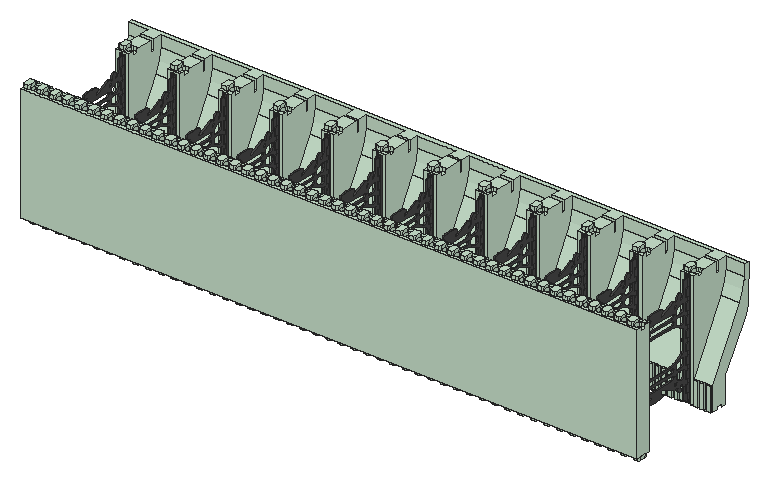
Revit family (continued)
Forms (in)
  Extrusion 166, solid, material "NUDURA Expanded Polystyrene Foam Insulation"
    sketch origin (0, 0, 0) x (0, 1, 0) y (0, 0, 1)
      loop
        line (7.625, 16.5) -> (7.625, 18) -> (3.25, 18) -> (3.25, 3.625) -> (8.425, 13)
        arc (8.425, 13) -> (9.05432, 14.58521) -> (9.425, 16.25) r 10.75
        line (9.425, 16.25) -> (9.425, 18)
    from 59 to 61
  Extrusion 167, solid, material "NUDURA Expanded Polystyrene Foam Insulation"
    sketch origin (0, 0, 0) x (0, 1, 0) y (0, 0, 1)
      loop
        line (9.425, 18) -> (8.125, 18) -> (8.125, 16.5)
        arc (8.125, 16.5) -> (7.875, 16.25) -> (7.625, 16.5) r 0.25
        line (7.625, 16.5) -> (7.625, 18) -> (3.25, 18) -> (3.25, 3.625) -> (8.425, 13)
        arc (8.425, 13) -> (9.05432, 14.58521) -> (9.425, 16.25) r 10.75
        line (9.425, 16.25) -> (9.425, 18)
    from 67 to 69
  Extrusion 168, solid, material "NUDURA Expanded Polystyrene Foam Insulation"
    sketch origin (0, 0, 0) x (0, 1, 0) y (0, 0, 1)
      loop
        line (9.425, 18) -> (8.125, 18) -> (8.125, 16.5)
        arc (8.125, 16.5) -> (7.875, 16.25) -> (7.625, 16.5) r 0.25
        line (7.625, 16.5) -> (7.625, 18) -> (3.25, 18) -> (3.25, 3.625) -> (8.425, 13)
        arc (8.425, 13) -> (9.05432, 14.58521) -> (9.425, 16.25) r 10.75
        line (9.425, 16.25) -> (9.425, 18)
    from 75 to 77
  Extrusion 169, solid, material "NUDURA Expanded Polystyrene Foam Insulation"
    sketch origin (0, 0, 0) x (0, 1, 0) y (0, 0, 1)
      loop
        line (9.425, 18) -> (8.125, 18) -> (8.125, 16.5)
        arc (8.125, 16.5) -> (7.875, 16.25) -> (7.625, 16.5) r 0.25
        line (7.625, 16.5) -> (7.625, 18) -> (3.25, 18) -> (3.25, 3.625) -> (8.425, 13)
        arc (8.425, 13) -> (9.05432, 14.58521) -> (9.425, 16.25) r 10.75
        line (9.425, 16.25) -> (9.425, 18)
    from 83 to 85
  Extrusion 170, solid, material "NUDURA Expanded Polystyrene Foam Insulation"
    sketch origin (0, 0, 0) x (0, 1, 0) y (0, 0, 1)
      loop
        line (9.425, 18) -> (8.125, 18) -> (8.125, 16.5)
        arc (8.125, 16.5) -> (7.875, 16.25) -> (7.625, 16.5) r 0.25
        line (7.625, 16.5) -> (7.625, 18) -> (3.25, 18) -> (3.25, 3.625) -> (8.425, 13)
        arc (8.425, 13) -> (9.05432, 14.58521) -> (9.425, 16.25) r 10.75
        line (9.425, 16.25) -> (9.425, 18)
    from 91 to 93
  Extrusion 171, solid, material "NUDURA Expanded Polystyrene Foam Insulation"
    sketch origin (0, 0, 0) x (1, 0, 0) y (0, 1, 0)
      loop
        line (95.21883, 3) -> (95.78117, 3) -> (95.71883, 3.25) -> (95.28117, 3.25) -> (95.21883, 3)
      loop
        line (94.21883, 3) -> (94.78117, 3) -> (94.71883, 3.25) -> (94.28117, 3.25) -> (94.21883, 3)
      loop
        line (93.21883, 3) -> (93.78117, 3) -> (93.71883, 3.25) -> (93.28117, 3.25) -> (93.21883, 3)
      loop
        line (90.21883, 3) -> (90.78117, 3) -> (90.71883, 3.25) -> (90.28117, 3.25) -> (90.21883, 3)
      loop
        line (89.21883, 3) -> (89.78117, 3) -> (89.71883, 3.25) -> (89.28117, 3.25) -> (89.21883, 3)
      loop
        line (88.21883, 3) -> (88.78117, 3) -> (88.71883, 3.25) -> (88.28117, 3.25) -> (88.21883, 3)
      loop
        line (87.21883, 3) -> (87.78117, 3) -> (87.71883, 3.25) -> (87.28117, 3.25) -> (87.21883, 3)
      loop
        line (86.21883, 3) -> (86.78117, 3) -> (86.71883, 3.25) -> (86.28117, 3.25) -> (86.21883, 3)
      loop
        line (85.21883, 3) -> (85.78117, 3) -> (85.71883, 3.25) -> (85.28117, 3.25) -> (85.21883, 3)
      loop
        line (82.21883, 3) -> (82.78117, 3) -> (82.71883, 3.25) -> (82.28117, 3.25) -> (82.21883, 3)
      loop
        line (81.21883, 3) -> (81.78117, 3) -> (81.71883, 3.25) -> (81.28117, 3.25) -> (81.21883, 3)
      loop
        line (80.21883, 3) -> (80.78117, 3) -> (80.71883, 3.25) -> (80.28117, 3.25) -> (80.21883, 3)
      loop
        line (79.21883, 3) -> (79.78117, 3) -> (79.71883, 3.25) -> (79.28117, 3.25) -> (79.21883, 3)
      loop
        line (78.21883, 3) -> (78.78117, 3) -> (78.71883, 3.25) -> (78.28117, 3.25) -> (78.21883, 3)
      loop
        line (77.21883, 3) -> (77.78117, 3) -> (77.71883, 3.25) -> (77.28117, 3.25) -> (77.21883, 3)
      loop
        line (74.21883, 3) -> (74.78117, 3) -> (74.71883, 3.25) -> (74.28117, 3.25) -> (74.21883, 3)
      loop
        line (73.21883, 3) -> (73.78117, 3) -> (73.71883, 3.25) -> (73.28117, 3.25) -> (73.21883, 3)
      loop
        line (72.21883, 3) -> (72.78117, 3) -> (72.71883, 3.25) -> (72.28117, 3.25) -> (72.21883, 3)
      loop
        line (71.21883, 3) -> (71.78117, 3) -> (71.71883, 3.25) -> (71.28117, 3.25) -> (71.21883, 3)
      loop
        line (70.21883, 3) -> (70.78117, 3) -> (70.71883, 3.25) -> (70.28117, 3.25) -> (70.21883, 3)
      loop
        line (69.21883, 3) -> (69.78117, 3) -> (69.71883, 3.25) -> (69.28117, 3.25) -> (69.21883, 3)
      loop
        line (66.21883, 3) -> (66.78117, 3) -> (66.71883, 3.25) -> (66.28117, 3.25) -> (66.21883, 3)
      loop
        line (65.21883, 3) -> (65.78117, 3) -> (65.71883, 3.25) -> (65.28117, 3.25) -> (65.21883, 3)
      loop
        line (64.21883, 3) -> (64.78117, 3) -> (64.71883, 3.25) -> (64.28117, 3.25) -> (64.21883, 3)
      loop
        line (63.21883, 3) -> (63.78117, 3) -> (63.71883, 3.25) -> (63.28117, 3.25) -> (63.21883, 3)
      loop
        line (62.21883, 3) -> (62.78117, 3) -> (62.71883, 3.25) -> (62.28117, 3.25) -> (62.21883, 3)
      loop
        line (61.21883, 3) -> (61.78117, 3) -> (61.71883, 3.25) -> (61.28117, 3.25) -> (61.21883, 3)
      loop
        line (58.21883, 3) -> (58.78117, 3) -> (58.71883, 3.25) -> (58.28117, 3.25) -> (58.21883, 3)
      loop
        line (57.21883, 3) -> (57.78117, 3) -> (57.71883, 3.25) -> (57.28117, 3.25) -> (57.21883, 3)
      loop
        line (56.21883, 3) -> (56.78117, 3) -> (56.71883, 3.25) -> (56.28117, 3.25) -> (56.21883, 3)
      loop
        line (55.21883, 3) -> (55.78117, 3) -> (55.71883, 3.25) -> (55.28117, 3.25) -> (55.21883, 3)
      loop
        line (54.21883, 3) -> (54.78117, 3) -> (54.71883, 3.25) -> (54.28117, 3.25) -> (54.21883, 3)
      loop
        line (53.21883, 3) -> (53.78117, 3) -> (53.71883, 3.25) -> (53.28117, 3.25) -> (53.21883, 3)
      loop
        line (50.21883, 3) -> (50.78117, 3) -> (50.71883, 3.25) -> (50.28117, 3.25) -> (50.21883, 3)
      loop
        line (49.21883, 3) -> (49.78117, 3) -> (49.71883, 3.25) -> (49.28117, 3.25) -> (49.21883, 3)
      loop
        line (48.21883, 3) -> (48.78117, 3) -> (48.71883, 3.25) -> (48.28117, 3.25) -> (48.21883, 3)
      loop
        line (47.21883, 3) -> (47.78117, 3) -> (47.71883, 3.25) -> (47.28117, 3.25) -> (47.21883, 3)
      loop
        line (46.21883, 3) -> (46.78117, 3) -> (46.71883, 3.25) -> (46.28117, 3.25) -> (46.21883, 3)
      loop
        line (45.21883, 3) -> (45.78117, 3) -> (45.71883, 3.25) -> (45.28117, 3.25) -> (45.21883, 3)
      loop
        line (42.21883, 3) -> (42.78117, 3) -> (42.71883, 3.25) -> (42.28117, 3.25) -> (42.21883, 3)
      loop
        line (41.21883, 3) -> (41.78117, 3) -> (41.71883, 3.25) -> (41.28117, 3.25) -> (41.21883, 3)
      loop
        line (40.21883, 3) -> (40.78117, 3) -> (40.71883, 3.25) -> (40.28117, 3.25) -> (40.21883, 3)
      loop
        line (39.21883, 3) -> (39.78117, 3) -> (39.71883, 3.25) -> (39.28117, 3.25) -> (39.21883, 3)
      loop
        line (38.21883, 3) -> (38.78117, 3) -> (38.71883, 3.25) -> (38.28117, 3.25) -> (38.21883, 3)
      loop
        line (37.21883, 3) -> (37.78117, 3) -> (37.71883, 3.25) -> (37.28117, 3.25) -> (37.21883, 3)
      loop
        line (34.21883, 3) -> (34.78117, 3) -> (34.71883, 3.25) -> (34.28117, 3.25) -> (34.21883, 3)
      loop
        line (33.21883, 3) -> (33.78117, 3) -> (33.71883, 3.25) -> (33.28117, 3.25) -> (33.21883, 3)
      loop
        line (32.21883, 3) -> (32.78117, 3) -> (32.71883, 3.25) -> (32.28117, 3.25) -> (32.21883, 3)
      loop
        line (31.21883, 3) -> (31.78117, 3) -> (31.71883, 3.25) -> (31.28117, 3.25) -> (31.21883, 3)
      loop
        line (30.21883, 3) -> (30.78117, 3) -> (30.71883, 3.25) -> (30.28117, 3.25) -> (30.21883, 3)
      loop
        line (29.21883, 3) -> (29.78117, 3) -> (29.71883, 3.25) -> (29.28117, 3.25) -> (29.21883, 3)
      loop
        line (26.21883, 3) -> (26.78117, 3) -> (26.71883, 3.25) -> (26.28117, 3.25) -> (26.21883, 3)
      loop
        line (25.21883, 3) -> (25.78117, 3) -> (25.71883, 3.25) -> (25.28117, 3.25) -> (25.21883, 3)
      loop
        line (24.21883, 3) -> (24.78117, 3) -> (24.71883, 3.25) -> (24.28117, 3.25) -> (24.21883, 3)
      loop
        line (23.21883, 3) -> (23.78117, 3) -> (23.71883, 3.25) -> (23.28117, 3.25) -> (23.21883, 3)
      loop
        line (22.21883, 3) -> (22.78117, 3) -> (22.71883, 3.25) -> (22.28117, 3.25) -> (22.21883, 3)
      loop
        line (21.21883, 3) -> (21.78117, 3) -> (21.71883, 3.25) -> (21.28117, 3.25) -> (21.21883, 3)
      loop
        line (18.21883, 3) -> (18.78117, 3) -> (18.71883, 3.25) -> (18.28117, 3.25) -> (18.21883, 3)
      loop
        line (17.21883, 3) -> (17.78117, 3) -> (17.71883, 3.25) -> (17.28117, 3.25) -> (17.21883, 3)
      loop
        line (16.21883, 3) -> (16.78117, 3) -> (16.71883, 3.25) -> (16.28117, 3.25) -> (16.21883, 3)
      loop
        line (15.21883, 3) -> (15.78117, 3) -> (15.71883, 3.25) -> (15.28117, 3.25) -> (15.21883, 3)
      loop
        line (14.21883, 3) -> (14.78117, 3) -> (14.71883, 3.25) -> (14.28117, 3.25) -> (14.21883, 3)
      loop
        line (13.21883, 3) -> (13.78117, 3) -> (13.71883, 3.25) -> (13.28117, 3.25) -> (13.21883, 3)
      loop
        line (10.21883, 3) -> (10.78117, 3) -> (10.71883, 3.25) -> (10.28117, 3.25) -> (10.21883, 3)
      loop
        line (9.21883, 3) -> (9.78117, 3) -> (9.71883, 3.25) -> (9.28117, 3.25) -> (9.21883, 3)
      loop
        line (8.21883, 3) -> (8.78117, 3) -> (8.71883, 3.25) -> (8.28117, 3.25) -> (8.21883, 3)
      loop
        line (7.21883, 3) -> (7.78117, 3) -> (7.71883, 3.25) -> (7.28117, 3.25) -> (7.21883, 3)
      loop
        line (6.21883, 3) -> (6.78117, 3) -> (6.71883, 3.25) -> (6.28117, 3.25) -> (6.21883, 3)
      loop
        line (5.21883, 3) -> (5.78117, 3) -> (5.71883, 3.25) -> (5.28117, 3.25) -> (5.21883, 3)
      loop
        line (2.21883, 3) -> (2.78117, 3) -> (2.71883, 3.25) -> (2.28117, 3.25) -> (2.21883, 3)
      loop
        line (1.21883, 3) -> (1.78117, 3) -> (1.71883, 3.25) -> (1.28117, 3.25) -> (1.21883, 3)
      loop
        line (0.21883, 3) -> (0.78117, 3) -> (0.71883, 3.25) -> (0.28117, 3.25) -> (0.21883, 3)
    from 0 to 3.625
Cuts and joins
  Extrusion 2, Extrusion 3, Extrusion 4, Extrusion 5, Extrusion 6, Extrusion 7, Extrusion 8, Extrusion 9, Extrusion 10, Extrusion 11, Extrusion 12, Extrusion 13, Extrusion 14, Extrusion 15, Extrusion 16, Extrusion 17, Extrusion 18, Extrusion 19, Extrusion 20, Extrusion 21, Extrusion 22, Extrusion 23, Extrusion 24, Extrusion 25, Extrusion 26, Extrusion 27, Extrusion 28, Extrusion 29, Extrusion 30, Extrusion 31, Extrusion 32, Extrusion 33, Extrusion 34, Extrusion 35, Extrusion 36, Extrusion 37, Extrusion 38, Extrusion 39, Extrusion 40, Extrusion 41, Extrusion 42, Extrusion 43, Extrusion 44, Extrusion 45, Extrusion 46, Extrusion 47, Extrusion 48, Extrusion 49, Extrusion 50, Extrusion 51, Extrusion 52, Extrusion 53, Extrusion 54, Extrusion 55, Extrusion 56, Extrusion 57, Extrusion 58, Extrusion 59, Extrusion 60, Extrusion 61, Extrusion 62, Extrusion 63, Extrusion 64, Extrusion 65, Extrusion 66, Extrusion 67, Extrusion 68, Extrusion 69, Extrusion 70, Extrusion 71, Extrusion 72, Extrusion 73, Extrusion 74, Extrusion 75, Extrusion 76, Extrusion 77, Extrusion 78, Extrusion 79, Extrusion 80, Extrusion 81, Extrusion 82, Extrusion 83, Extrusion 84, Extrusion 85, Extrusion 86, Extrusion 87, Extrusion 88, Extrusion 89, Extrusion 90, Extrusion 91, Extrusion 92, Extrusion 93, Extrusion 94, Extrusion 95, Extrusion 96, Extrusion 97, Extrusion 98, Extrusion 99, Extrusion 100, Extrusion 101, Extrusion 102, Extrusion 103, Extrusion 104, Extrusion 105, Extrusion 106, Extrusion 107, Extrusion 108, Extrusion 109, Extrusion 110, Extrusion 111, Extrusion 112, Extrusion 113, Extrusion 114, Extrusion 115, Extrusion 116, Extrusion 117, Extrusion 118, Extrusion 119, Extrusion 120, Extrusion 121, Extrusion 122, Extrusion 123, Extrusion 124, Extrusion 125, Extrusion 126, Extrusion 127, Extrusion 128, Extrusion 129, Extrusion 130, Extrusion 131, Extrusion 132, Extrusion 133, Extrusion 134, Extrusion 135, Extrusion 136, Extrusion 137, Extrusion 138, Extrusion 139, Extrusion 140, Extrusion 141, Extrusion 142, Extrusion 143, Extrusion 144, Extrusion 145, Extrusion 146, Extrusion 147, Extrusion 148, Extrusion 149, Extrusion 150, Extrusion 151, Extrusion 152, Extrusion 153, Extrusion 154, Extrusion 155, Extrusion 156, Extrusion 157 cuts Extrusion 1
  Extrusion 110, Extrusion 111, Extrusion 112, Extrusion 113, Extrusion 114, Extrusion 115, Extrusion 116, Extrusion 117, Extrusion 118, Extrusion 119, Extrusion 120, Extrusion 121, Extrusion 122, Extrusion 123, Extrusion 124, Extrusion 125, Extrusion 126, Extrusion 127, Extrusion 128, Extrusion 129, Extrusion 130, Extrusion 131, Extrusion 132, Extrusion 133, Extrusion 134, Extrusion 135, Extrusion 136, Extrusion 137, Extrusion 138, Extrusion 139, Extrusion 140, Extrusion 141, Extrusion 142, Extrusion 143, Extrusion 144, Extrusion 145, Extrusion 146, Extrusion 147, Extrusion 148, Extrusion 149, Extrusion 150, Extrusion 151, Extrusion 152, Extrusion 153, Extrusion 154, Extrusion 155, Extrusion 156, Extrusion 157 cuts Extrusion 158
  Extrusion 61 cuts Extrusion 159
  Extrusion 60 cuts Extrusion 160
  Extrusion 59 cuts Extrusion 161
  Extrusion 58 cuts Extrusion 162
  Extrusion 57 cuts Extrusion 163
  Extrusion 56 cuts Extrusion 164
  Extrusion 55 cuts Extrusion 165
  Extrusion 54 cuts Extrusion 166
  Extrusion 53 cuts Extrusion 167
  Extrusion 52 cuts Extrusion 168
  Extrusion 51 cuts Extrusion 169
  Extrusion 50 cuts Extrusion 170
  joined: Extrusion 158, Extrusion 159, Extrusion 160, Extrusion 161, Extrusion 162, Extrusion 163, Extrusion 164, Extrusion 165, Extrusion 166, Extrusion 167, Extrusion 168, Extrusion 169, Extrusion 170, Extrusion 171
Lines and regions (in)
  model lines
    curve 1: line (8, -11.625, 18) -> (8, -11.625, 0)
Dimensions and locks (in)
  locked: plane 3 "Center (Left/Right)" to plane 4 at 96
  locked: plane 6 to plane 5 at 12
  locked: plane 5 to plane 7 at 2.625
  locked: plane 8 to plane 6 at 2.625
  locked: plane 9 to level at 18
  locked: plane 4 to plane 3 "Center (Left/Right)" at 96
  locked: plane 9 to plane 10 at 0.5
  locked: plane 11 to level at 0.5
  aligned and locked: plane 9 to Extrusion 1
  aligned and locked: Extrusion 1 to plane 3 "Center (Left/Right)"
  aligned and locked: plane 4 to Extrusion 1
  aligned and locked: level to Extrusion 1
  aligned and locked: nested 1 to plane 8
  aligned and locked: nested 116 to cut or joined group 1 (Extrusion 1, Extrusion 2, Extrusion 3, Extrusion 4, Extrusion 5, Extrusion 6, Extrusion 7, Extrusion 8, Extrusion 9, Extrusion 10, Extrusion 11, Extrusion 12, Extrusion 13, Extrusion 14, Extrusion 15, Extrusion 16, Extrusion 17, Extrusion 18, Extrusion 19, Extrusion 20, Extrusion 21, Extrusion 22, Extrusion 23, Extrusion 24, Extrusion 25, Extrusion 26, Extrusion 27, Extrusion 28, Extrusion 29, Extrusion 30, Extrusion 31, Extrusion 32, Extrusion 33, Extrusion 34, Extrusion 35, Extrusion 36, Extrusion 37, Extrusion 38, Extrusion 39, Extrusion 40, Extrusion 41, Extrusion 42, Extrusion 43, Extrusion 44, Extrusion 45, Extrusion 46, Extrusion 47, Extrusion 48, Extrusion 49, Extrusion 50, Extrusion 51, Extrusion 52, Extrusion 53, Extrusion 54, Extrusion 55, Extrusion 56, Extrusion 57, Extrusion 58, Extrusion 59, Extrusion 60, Extrusion 61, Extrusion 62, Extrusion 63, Extrusion 64, Extrusion 65, Extrusion 66, Extrusion 67, Extrusion 68, Extrusion 69, Extrusion 70, Extrusion 71, Extrusion 72, Extrusion 73, Extrusion 74, Extrusion 75, Extrusion 76, Extrusion 77, Extrusion 78, Extrusion 79, Extrusion 80, Extrusion 81, Extrusion 82, Extrusion 83, Extrusion 84, Extrusion 85, Extrusion 86, Extrusion 87, Extrusion 88, Extrusion 89, Extrusion 90, Extrusion 91, Extrusion 92, Extrusion 93, Extrusion 94, Extrusion 95, Extrusion 96, Extrusion 97, Extrusion 98, Extrusion 99, Extrusion 100, Extrusion 101, Extrusion 102, Extrusion 103, Extrusion 104, Extrusion 105, Extrusion 106, Extrusion 107, Extrusion 108, Extrusion 109, Extrusion 110, Extrusion 111, Extrusion 112, Extrusion 113, Extrusion 114, Extrusion 115, Extrusion 116, Extrusion 117, Extrusion 118, Extrusion 119, Extrusion 120, Extrusion 121, Extrusion 122, Extrusion 123, Extrusion 124, Extrusion 125, Extrusion 126, Extrusion 127, Extrusion 128, Extrusion 129, Extrusion 130, Extrusion 131, Extrusion 132, Extrusion 133, Extrusion 134, Extrusion 135, Extrusion 136, Extrusion 137, Extrusion 138, Extrusion 139, Extrusion 140, Extrusion 141, Extrusion 142, Extrusion 143, Extrusion 144, Extrusion 145, Extrusion 146, Extrusion 147, Extrusion 148, Extrusion 149, Extrusion 150, Extrusion 151, Extrusion 152, Extrusion 153, Extrusion 154, Extrusion 155, Extrusion 156, Extrusion 157)
  aligned and locked: cut or joined group 1 to cut or joined group 2 (Extrusion 50, Extrusion 51, Extrusion 52, Extrusion 53, Extrusion 54, Extrusion 55, Extrusion 56, Extrusion 57, Extrusion 58, Extrusion 59, Extrusion 60, Extrusion 61, Extrusion 110, Extrusion 111, Extrusion 112, Extrusion 113, Extrusion 114, Extrusion 115, Extrusion 116, Extrusion 117, Extrusion 118, Extrusion 119, Extrusion 120, Extrusion 121, Extrusion 122, Extrusion 123, Extrusion 124, Extrusion 125, Extrusion 126, Extrusion 127, Extrusion 128, Extrusion 129, Extrusion 130, Extrusion 131, Extrusion 132, Extrusion 133, Extrusion 134, Extrusion 135, Extrusion 136, Extrusion 137, Extrusion 138, Extrusion 139, Extrusion 140, Extrusion 141, Extrusion 142, Extrusion 143, Extrusion 144, Extrusion 145, Extrusion 146, Extrusion 147, Extrusion 148, Extrusion 149, Extrusion 150, Extrusion 151, Extrusion 152, Extrusion 153, Extrusion 154, Extrusion 155, Extrusion 156, Extrusion 157, Extrusion 158, Extrusion 159, Extrusion 160, Extrusion 161, Extrusion 162, Extrusion 163, Extrusion 164, Extrusion 165, Extrusion 166, Extrusion 167, Extrusion 168, Extrusion 169, Extrusion 170, Extrusion 171)
  aligned and locked: cut or joined group 2 to nested 266
  aligned and locked: cut or joined group 2 to nested 267
  aligned and locked: cut or joined group 1 to nested 264
  aligned and locked: cut or joined group 1 to nested 263
  aligned and locked: cut or joined group 1 to nested 262
  aligned and locked: nested 261 to cut or joined group 1
  aligned and locked: nested 2 to cut or joined group 1
  aligned and locked: nested 3 to cut or joined group 1
  aligned and locked: nested 4 to cut or joined group 1
  aligned and locked: nested 5 to cut or joined group 1
  aligned and locked: nested 6 to cut or joined group 1
  aligned and locked: nested 7 to cut or joined group 1
  aligned: nested 8 to cut or joined group 1
  aligned and locked: nested 8 to cut or joined group 1
Nested families (in)
  nested 1: "NUDURA Diamond Pattern" at (0, -6, 0), type "NUDURA Diamond Pattern"
  nested 2: "NUDURA Diamond Pattern" at (16, -6, 0), type "NUDURA Diamond Pattern"
  nested 3: "NUDURA Diamond Pattern" at (24, -6, 0), type "NUDURA Diamond Pattern"
  nested 4: "NUDURA Diamond Pattern" at (40, -6, 0), type "NUDURA Diamond Pattern"
  nested 5: "NUDURA Diamond Pattern" at (48, -6, 0), type "NUDURA Diamond Pattern"
  nested 6: "NUDURA Diamond Pattern" at (64, -6, 0), type "NUDURA Diamond Pattern"
  nested 7: "NUDURA Diamond Pattern" at (72, -6, 0), type "NUDURA Diamond Pattern"
  nested 8: "NUDURA Diamond Pattern" at (88, -6, 0), type "NUDURA Diamond Pattern"
  nested 9: "Interlock Tooth" at (0, -6, 0), type "Interlock Tooth"
  nested 10: "Interlock Tooth" at (2, -6, 0), type "Interlock Tooth"
  nested 11: "Interlock Tooth" at (4, -6, 0), type "Interlock Tooth"
  nested 12: "Interlock Tooth" at (6, -6, 0), type "Interlock Tooth"
  nested 13: "Interlock Tooth" at (8, -6, 0), type "Interlock Tooth"
  nested 14: "Interlock Tooth" at (10, -6, 0), type "Interlock Tooth"
  nested 15: "Interlock Tooth" at (12, -6, 0), type "Interlock Tooth"
  nested 16: "Interlock Tooth" at (14, -6, 0), type "Interlock Tooth"
  nested 17: "Interlock Tooth" at (16, -6, 0), type "Interlock Tooth"
  nested 18: "Interlock Tooth" at (18, -6, 0), type "Interlock Tooth"
  nested 19: "Interlock Tooth" at (20, -6, 0), type "Interlock Tooth"
  nested 20: "Interlock Tooth" at (22, -6, 0), type "Interlock Tooth"
  nested 21: "Interlock Tooth" at (24, -6, 0), type "Interlock Tooth"
  nested 22: "Interlock Tooth" at (26, -6, 0), type "Interlock Tooth"
  nested 23: "Interlock Tooth" at (28, -6, 0), type "Interlock Tooth"
  nested 24: "Interlock Tooth" at (30, -6, 0), type "Interlock Tooth"
  nested 25: "Interlock Tooth" at (32, -6, 0), type "Interlock Tooth"
  nested 26: "Interlock Tooth" at (34, -6, 0), type "Interlock Tooth"
  nested 27: "Interlock Tooth" at (36, -6, 0), type "Interlock Tooth"
  nested 28: "Interlock Tooth" at (38, -6, 0), type "Interlock Tooth"
  nested 29: "Interlock Tooth" at (40, -6, 0), type "Interlock Tooth"
  nested 30: "Interlock Tooth" at (42, -6, 0), type "Interlock Tooth"
  nested 31: "Interlock Tooth" at (44, -6, 0), type "Interlock Tooth"
  nested 32: "Interlock Tooth" at (46, -6, 0), type "Interlock Tooth"
  nested 33: "Interlock Tooth" at (48, -6, 0), type "Interlock Tooth"
  nested 34: "Interlock Tooth" at (50, -6, 0), type "Interlock Tooth"
  nested 35: "Interlock Tooth" at (52, -6, 0), type "Interlock Tooth"
  nested 36: "Interlock Tooth" at (54, -6, 0), type "Interlock Tooth"
  nested 37: "Interlock Tooth" at (56, -6, 0), type "Interlock Tooth"
  nested 38: "Interlock Tooth" at (58, -6, 0), type "Interlock Tooth"
  nested 39: "Interlock Tooth" at (60, -6, 0), type "Interlock Tooth"
  nested 40: "Interlock Tooth" at (62, -6, 0), type "Interlock Tooth"
  nested 41: "Interlock Tooth" at (64, -6, 0), type "Interlock Tooth"
  nested 42: "Interlock Tooth" at (66, -6, 0), type "Interlock Tooth"
  nested 43: "Interlock Tooth" at (68, -6, 0), type "Interlock Tooth"
  nested 44: "Interlock Tooth" at (70, -6, 0), type "Interlock Tooth"
  nested 45: "Interlock Tooth" at (72, -6, 0), type "Interlock Tooth"
  nested 46: "Interlock Tooth" at (74, -6, 0), type "Interlock Tooth"
  nested 47: "Interlock Tooth" at (76, -6, 0), type "Interlock Tooth"
  nested 48: "Interlock Tooth" at (78, -6, 0), type "Interlock Tooth"
  nested 49: "Interlock Tooth" at (80, -6, 0), type "Interlock Tooth"
  nested 50: "Interlock Tooth" at (82, -6, 0), type "Interlock Tooth"
  nested 51: "Interlock Tooth" at (84, -6, 0), type "Interlock Tooth"
  nested 52: "Interlock Tooth" at (86, -6, 0), type "Interlock Tooth"
  nested 53: "Interlock Tooth" at (88, -6, 0), type "Interlock Tooth"
  nested 54: "Interlock Tooth" at (90, -6, 0), type "Interlock Tooth"
  nested 55: "Interlock Tooth" at (92, -6, 0), type "Interlock Tooth"
  nested 56: "Interlock Tooth" at (94, -6, 0), type "Interlock Tooth"
  nested 57: "Interlock Tooth" at (3, 8.875, 0), type "Interlock Tooth"
  nested 58: "Interlock Tooth" at (11, 8.875, 0), type "Interlock Tooth"
  nested 59: "Interlock Tooth" at (19, 8.875, 0), type "Interlock Tooth"
  nested 60: "Interlock Tooth" at (27, 8.875, 0), type "Interlock Tooth"
  nested 61: "Interlock Tooth" at (35, 8.875, 0), type "Interlock Tooth"
  nested 62: "Interlock Tooth" at (43, 8.875, 0), type "Interlock Tooth"
  nested 63: "Interlock Tooth" at (51, 8.875, 0), type "Interlock Tooth"
  nested 64: "Interlock Tooth" at (59, 8.875, 0), type "Interlock Tooth"
  nested 65: "Interlock Tooth" at (67, 8.875, 0), type "Interlock Tooth"
  nested 66: "Interlock Tooth" at (75, 8.875, 0), type "Interlock Tooth"
  nested 67: "Interlock Tooth" at (83, 8.875, 0), type "Interlock Tooth"
  nested 68: "Interlock Tooth" at (91, 8.875, 0), type "Interlock Tooth"
  nested 69: "Interlock Tooth" at (1, -14.875, -18.5), type "Interlock Tooth"
  nested 70: "Interlock Tooth" at (3, -14.875, -18.5), type "Interlock Tooth"
  nested 71: "Interlock Tooth" at (5, -14.875, -18.5), type "Interlock Tooth"
  nested 72: "Interlock Tooth" at (7, -14.875, -18.5), type "Interlock Tooth"
  nested 73: "Interlock Tooth" at (9, -14.875, -18.5), type "Interlock Tooth"
  nested 74: "Interlock Tooth" at (11, -14.875, -18.5), type "Interlock Tooth"
  nested 75: "Interlock Tooth" at (13, -14.875, -18.5), type "Interlock Tooth"
  nested 76: "Interlock Tooth" at (15, -14.875, -18.5), type "Interlock Tooth"
  nested 77: "Interlock Tooth" at (17, -14.875, -18.5), type "Interlock Tooth"
  nested 78: "Interlock Tooth" at (19, -14.875, -18.5), type "Interlock Tooth"
